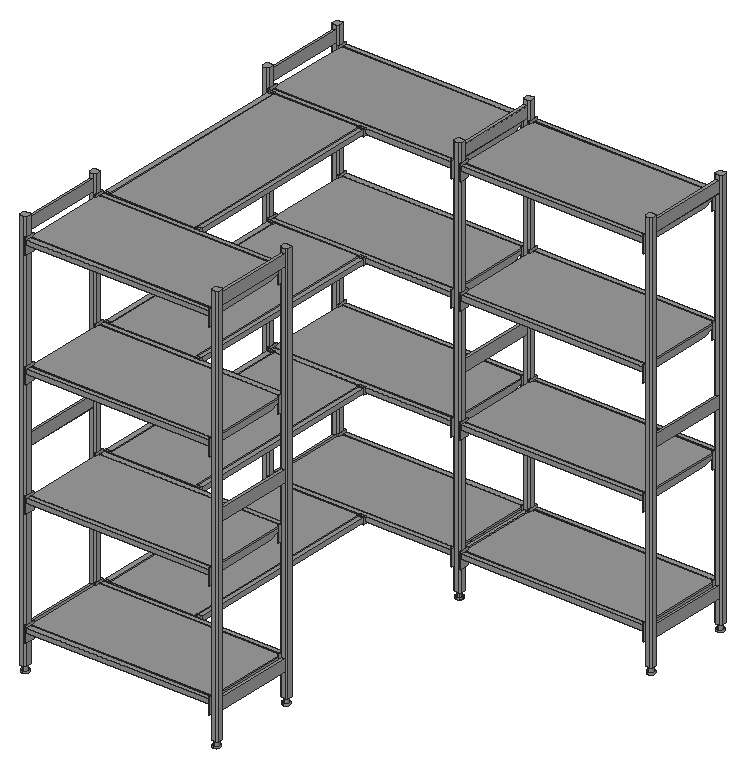
Revit family "QF_ELECTROLUXPROFESSIONAL_137091_CRS1616", category Attrezzature speciali, Revit 2020
Family settings
  Quota connettore circolare = Usa diametro
  Tipo di parte = Normale
  Basato su piano di lavoro = No
  Sempre verticale = Sì
  Taglio con vuoti quando caricato = No
  Condiviso = No
  Punto di calcolo locali = No
Parameters (values of type "Standard")
  Weight = 55.00 kg
  Watts = 0 W
  Volts = 0 V
  URL Manufacturer = "https://www.electroluxprofessional.com/"
  URL = "https://www.electroluxprofessional.com/"
  Steam Supply Size = 0 mm
  Steam Supply Minimum Pressure = 0.0 Pa
  Steam Supply Maximum Pressure = 0.0 Pa
  Steam Consumption per Hour = 0
  Refrigeration Suction Line Size = 0 mm
  Refrigeration Liquid Line Size = 0 mm
  Refrigerant Compressor Remote = yes
  Prospetto di default = 0 mm
  Produttore = "Electrolux Professional"
  Phase = 0
  Modello = "CRS1616"
  Length Actual = 708 mm  # constant formula
  Item Number = "137091"
  Hot Water Size = 0 mm
  Height Actual = 1550 mm  # constant formula
  HP = "0 HP"
  Gas Size = 0 mm
  Gas KW = 0
  Gas Input Pressure = 0 W
  Direct Waste Size = 0 mm
  Descrizione = "ALUM.SHELV.,POLY.TIERS-COLDROOM 163X163"
  Depth Actual = 373 mm  # constant formula
  Cycle = 0 Hz
  Condensate Return Size = 0 mm
  Compressed Air Volume = 0.0 L/s
  Compressed Air Size = 0 mm
  Compressed Air Pressure = 0.0 Pa
  Cold Water Size = 0 mm
  Accessory = yes
Reference planes
  plane 1 "Center (Front/Back)": y = 0
  plane 2: z = 0
  plane 3 "Center (Left/Right)": x = 0
  plane 4: x = -815
  plane 5: y = 815
  plane 6: y = -815
  plane 7: x = 815
  plane 8: x = -758
  plane 9: x = 758
  plane 10: y = 776
  plane 11: y = -776
Forms (mm)
  Extrusion 1, solid, material "QF_Clearances", detail levels coarse
    sketch origin (0, 0, 0) x (1, 0, 0) y (0, 1, 0)
      loop
        line (-815, -815) -> (815, -815) -> (815, 815) -> (-815, 815) -> (-815, -815)
      loop
        line (758, -776) -> (758, 776) -> (-758, 776) -> (-758, -776) -> (758, -776)
    from 0 to 1590
Lines and regions (mm)
  symbolic lines, style "QF_Clearances"
    curve 1: line (-815, 815, 0) -> (-815, -815, 0)
    curve 2: line (815, 815, 0) -> (-815, 815, 0)
    curve 3: line (815, -815, 0) -> (815, 815, 0)
Dimensions and locks
  equal spacing: plane 5, plane 1 "Center (Front/Back)", plane 6
  plane 5 to plane 6 = 1630 mm
  equal spacing: plane 4, plane 3 "Center (Left/Right)", plane 7
  plane 4 to plane 7 = 1630 mm
  plane 4 to plane 8 = 57 mm
  plane 8 to plane 9 = 1516 mm
  plane 11 to plane 6 = 39 mm
  plane 10 to plane 11 = 1552 mm
  aligned and locked: level to plane 2
  aligned and locked: plane 4 to Extrusion 1 sketch curve
  aligned and locked: Extrusion 1 sketch curve to plane 5
  aligned and locked: Extrusion 1 sketch curve to plane 7
  aligned and locked: Extrusion 1 sketch curve to plane 8
  aligned and locked: plane 10 to Extrusion 1 sketch curve
  aligned and locked: plane 9 to Extrusion 1 sketch curve
  aligned and locked: Extrusion 1 sketch curve to plane 11
  aligned and locked: Extrusion 1 sketch curve to plane 6
Automatic sketch dimensions
  curve 1 to plane 4 = 0 mm
  curve 2 to plane 5 = 0 mm
  curve 2 to plane 7 = 0 mm
  curve 1 to plane 6 = 0 mm
  curve 3 to plane 6 = 0 mm
Nested families
  nested 1: "QF_708" at (-341, -426, 0), type "QF_708"
  nested 2: "QF_708" at (403, 753, 0), type "QF_708"
  nested 3: "QF_798G2" at (-506.5, 118.5, 0), type "QF_798G2"
  nested 4: "QF_708" at (-341, 753, 0), type "QF_708"
Definition of nested family "QF_708"
  Parameters
    Default Elevation = 0 mm
    Model = "137010"
    Manufacturer = "Electrolux Professional"
    Description = ""
  Reference planes
    plane 1: z = 0
    plane 2 "Center (Left/Right)": x = -31
    plane 3 "LEFT": x = -417
    plane 4 "RIGHT": x = 355
    plane 5 "BACK": y = 23
    plane 6 "FRONT": y = -350
    plane 7 "TOP": z = 1700
    plane 8: x = 350
    plane 9: x = -385
    plane 10: x = 323
    plane 11 "Center (Front/Back)": y = -163.5
    plane 12: x = 318
    plane 13: y = -8.5
    plane 14: y = -318.5
    plane 15 "FEET": z = 25
    plane 16: z = 140
    plane 17: z = 590
    plane 18: z = 1040
    plane 19: z = 1490
    plane 20 "CXLeft": x = -403
    plane 21 "CXRight": x = 341
    plane 22: y = 5.5
    plane 23 "CYBack": y = 5.5
    plane 24 "CYFront": y = -332.5
  Forms (mm)
    Extrusion 1, solid
      sketch origin (-417, 0, 0) x (0, 1, 0) y (0, 0, 1)
        loop
          line (4, 1515.994) -> (4, 1497.998) -> (23, 1497.998) -> (23, 1515.994) -> (4, 1515.994)
        loop
          line (-331, 1515.994) -> (-350, 1515.994) -> (-350, 1497.998) -> (-331, 1497.998) -> (-331, 1515.994)
        loop
          line (4, 1065.994) -> (4, 1047.998) -> (23, 1047.998) -> (23, 1065.994) -> (4, 1065.994)
        loop
          line (-331, 1065.994) -> (-350, 1065.994) -> (-350, 1047.998) -> (-331, 1047.998) -> (-331, 1065.994)
        loop
          line (4, 615.994) -> (4, 597.998) -> (23, 597.998) -> (23, 615.994) -> (4, 615.994)
        loop
          line (-331, 615.994) -> (-350, 615.994) -> (-350, 597.998) -> (-331, 597.998) -> (-331, 615.994)
        loop
          line (4, 165.994) -> (4, 147.998) -> (23, 147.998) -> (23, 165.994) -> (4, 165.994)
        loop
          line (-331, 165.994) -> (-350, 165.994) -> (-350, 147.998) -> (-331, 147.998) -> (-331, 165.994)
      from 32 to 740
    Extrusion 2, solid
      sketch origin (-417, 0, 135) x (0, 1, 0) y (0, 0, 1)
        loop
          line (2.007, 1380.994) -> (-329, 1380.994) -> (-329, 1374.496) -> (2.007, 1374.496) -> (2.007, 1380.994)
        loop
          line (2.007, 930.994) -> (-329, 930.994) -> (-329, 924.496) -> (2.007, 924.496) -> (2.007, 930.994)
        loop
          line (2.007, 480.994) -> (-329, 480.994) -> (-329, 474.496) -> (2.007, 474.496) -> (2.007, 480.994)
        loop
          line (2.007, 30.994) -> (-329, 30.994) -> (-329, 24.496) -> (2.007, 24.496) -> (2.007, 30.994)
      from 32 to 740
    Extrusion 3, solid
      sketch origin (355, 0, 135) x (0, 1, 0) y (0, 0, 1)
        loop
          line (-12, 1362.998) -> (4, 1362.998) -> (4, 1380.994) -> (2.007, 1380.994) -> (2.007, 1374.496) -> (-329, 1374.496) -> (-329, 1380.994) -> (-331, 1380.994) -> (-331, 1362.998) -> (-315, 1362.998) -> (-281, 1350.994) -> (-46, 1350.994) -> (-12, 1362.998)
        loop
          line (-12, 912.998) -> (4, 912.998) -> (4, 930.994) -> (2.007, 930.994) -> (2.007, 924.496) -> (-329, 924.496) -> (-329, 930.994) -> (-331, 930.994) -> (-331, 912.998) -> (-315, 912.998) -> (-281, 900.994) -> (-46, 900.994) -> (-12, 912.998)
        loop
          line (-12, 462.998) -> (4, 462.998) -> (4, 480.994) -> (2.007, 480.994) -> (2.007, 474.496) -> (-329, 474.496) -> (-329, 480.994) -> (-331, 480.994) -> (-331, 462.998) -> (-315, 462.998) -> (-281, 450.994) -> (-46, 450.994) -> (-12, 462.998)
        loop
          line (-12, 12.998) -> (4, 12.998) -> (4, 30.994) -> (2.007, 30.994) -> (2.007, 24.496) -> (-329, 24.496) -> (-329, 30.994) -> (-331, 30.994) -> (-331, 12.998) -> (-315, 12.998) -> (-281, 0.994) -> (-46, 0.994) -> (-12, 12.998)
      from -32 to -37
  Lines and regions (mm)
    symbolic lines
      curve 1: line (323, 4, 1700) -> (-385, 4, 1700)
      curve 2: line (-389, 23, 1700) -> (327, 23, 1700)
      curve 3: line (327, 13.246, 1700) -> (333.254, 19.5, 1700)
      curve 4: line (333.254, -8.5, 1700) -> (327, -2.246, 1700)
      curve 5: line (333.254, -318.5, 1700) -> (327, -324.754, 1700)
      curve 6: line (-389, -350, 1700) -> (327, -350, 1700)
      curve 7: line (327, 23, 1700) -> (327, -12.993, 1700)
      curve 8: line (327, -12.993, 1700) -> (323, -12.993, 1700)
      curve 9: line (327, -350, 1700) -> (327, -314.007, 1700)
      curve 10: line (327, -314.007, 1700) -> (323, -314.007, 1700)
      curve 11: line (-385, -12.993, 1700) -> (-385, -314.007, 1700)
      curve 12: line (-385, -331, 1700) -> (323, -331, 1700)
      curve 13: line (323, -12.993, 1700) -> (323, -314.007, 1700)
  Dimensions and locks
    locked: plane 3 "LEFT" to plane 4 "RIGHT" at 772
    equal spacing: plane 3 "LEFT", plane 2 "Center (Left/Right)", plane 4 "RIGHT"
    locked: plane 7 "TOP" to level at 1700
    locked: plane 5 "BACK" to plane 6 "FRONT" at 373
    locked: plane 4 "RIGHT" to plane 8 at 5
    locked: plane 9 to plane 10 at 708
    locked: plane 3 "LEFT" to plane 9 at 32
    plane 12 to plane 10 = 5 mm
    locked: plane 13 to plane 14 at 310
    equal spacing: plane 13, plane 11 "Center (Front/Back)", plane 14
    equal spacing: plane 5 "BACK", plane 11 "Center (Front/Back)", plane 6 "FRONT"
    plane 15 "FEET" to level = 25 mm
    plane 7 "TOP" to plane 15 "FEET" = 1675 mm
    plane 17 to plane 16 = 450 mm
    plane 18 to plane 17 = 450 mm
    plane 19 to plane 18 = 450 mm
    locked: plane 3 "LEFT" to plane 20 "CXLeft" at 14
    locked: plane 21 "CXRight" to plane 4 "RIGHT" at 14
    locked: plane 5 "BACK" to plane 23 "CYBack" at 17.5
    locked: plane 24 "CYFront" to plane 6 "FRONT" at 17.5
    plane 16 to level = 140 mm
    plane 17 to level = 590 mm
    plane 18 to level = 1040 mm
    plane 19 to level = 1490 mm
    aligned and locked: level to plane 1
    aligned and locked: plane 9 to Extrusion 2
    aligned and locked: Extrusion 2 to plane 10
    aligned and locked: plane 9 to Extrusion 1
    aligned and locked: Extrusion 1 to plane 10
    aligned and locked: Extrusion 1 sketch curve to Extrusion 1 sketch curve  (x2)
    aligned and locked: Extrusion 3 sketch curve to Extrusion 3 sketch curve  (x3)
    aligned and locked: Extrusion 3 to plane 12
    aligned and locked: Extrusion 3 to plane 10
    aligned and locked: plane 20 "CXLeft" to nested 1
    aligned and locked: plane 21 "CXRight" to nested 2
  Automatic sketch dimensions
    Extrusion 1 sketch curve to plane 6 "FRONT" = 0 mm  (x4)
    Extrusion 1 sketch curve to plane 5 "BACK" = 0 mm  (x4)
    plane 24 "CYFront" to Extrusion 1 sketch curve = 1.5 mm  (x2)
    plane 22 to Extrusion 1 sketch curve = 1.5 mm  (x4)
    plane 16 to Extrusion 1 sketch curve = 7.998 mm  (x2)
    Extrusion 1 sketch curve to Extrusion 1 sketch curve = 17.997 mm  (x8)
    plane 17 to Extrusion 1 sketch curve = 7.998 mm  (x2)
    plane 18 to Extrusion 1 sketch curve = 7.998 mm  (x2)
    plane 19 to Extrusion 1 sketch curve = 7.998 mm  (x2)
    plane 24 "CYFront" to Extrusion 2 sketch curve = 3.5 mm  (x4)
    plane 22 to Extrusion 2 sketch curve = 3.493 mm  (x4)
    plane 16 to Extrusion 2 sketch curve = 19.496 mm
    Extrusion 2 sketch curve to Extrusion 2 sketch curve = 6.499 mm  (x4)
    plane 17 to Extrusion 2 sketch curve = 19.496 mm
    plane 18 to Extrusion 2 sketch curve = 19.496 mm
    plane 19 to Extrusion 2 sketch curve = 19.496 mm
    plane 24 "CYFront" to Extrusion 3 sketch curve = 1.5 mm  (x4)
    Extrusion 3 sketch curve to Extrusion 3 sketch curve = 2 mm
    plane 14 to Extrusion 3 sketch curve = 3.5 mm  (x4)
    Extrusion 3 sketch curve to plane 16 = 4.006 mm
    Extrusion 3 sketch curve to Extrusion 3 sketch curve = 34 mm  (x4)
    Extrusion 3 sketch curve to plane 17 = 4.006 mm
    Extrusion 3 sketch curve to plane 18 = 4.006 mm
    Extrusion 3 sketch curve to plane 19 = 4.006 mm
    Extrusion 3 sketch curve to plane 13 = 37.5 mm  (x4)
    Extrusion 3 sketch curve to plane 13 = 3.5 mm  (x4)
    plane 22 to Extrusion 3 sketch curve = 3.493 mm  (x4)
    plane 22 to Extrusion 3 sketch curve = 1.5 mm  (x4)
    plane 16 to Extrusion 3 sketch curve = 7.998 mm  (x2)
    Extrusion 3 sketch curve to Extrusion 3 sketch curve = 11.498 mm  (x4)
    Extrusion 3 sketch curve to Extrusion 3 sketch curve = 6.499 mm  (x8)
    plane 17 to Extrusion 3 sketch curve = 7.998 mm  (x2)
    plane 18 to Extrusion 3 sketch curve = 7.998 mm  (x2)
    plane 19 to Extrusion 3 sketch curve = 7.998 mm  (x2)
    curve 6 to plane 6 "FRONT" = 0 mm
    curve 12 to plane 9 = 0 mm
    curve 12 to plane 10 = 0 mm
    curve 5 to plane 14 = 0 mm
    curve 11 to plane 9 = 0 mm
    curve 8 to plane 10 = 0 mm
    curve 4 to plane 13 = 0 mm
    curve 1 to plane 9 = 0 mm
    curve 1 to plane 10 = 0 mm
    curve 2 to plane 5 "BACK" = 0 mm
    plane 14 to curve 10 = 4.493 mm
    curve 7 to plane 13 = 4.493 mm
    curve 10 to plane 10 = 4 mm
    curve 7 to plane 10 = 4 mm
    plane 24 "CYFront" to curve 12 = 1.5 mm
    curve 5 to plane 14 = 6.254 mm
    plane 14 to curve 11 = 4.493 mm
    curve 11 to plane 13 = 4.493 mm
    plane 13 to curve 4 = 6.254 mm
    plane 22 to curve 1 = 1.5 mm
    curve 3 to plane 22 = 7.746 mm
    curve 3 to plane 5 "BACK" = 3.5 mm
    curve 5 to curve 9 = 6.254 mm
    curve 3 to curve 2 = 6.254 mm
    curve 4 to curve 7 = 6.254 mm
    plane 9 to curve 2 = 4 mm
    plane 9 to curve 6 = 4 mm
  Nested families
    nested 1: "WT_Anta373B" at (0, 0, 0), type "WT_Anta373B"
    nested 2: "WT_Anta373B" at (-62, 0, 0) x (-1, 0, 0) z (0, 0, 1), type "WT_Anta373B"
  Definition of nested family "WT_Anta373B"
    Parameters
      WidthLeft = A + 64 mm  # 772 mm
      Width = 1606 mm
      Right = WidthLeft / 2  # 386 mm
      Default Elevation = 0 mm
      Left = -WidthLeft / 2  # -386 mm
      Height = 1590 mm
      FEET = 25 mm
      E = 0 mm
      Dint = Depth - 63 mm  # 310 mm
      Dext = Depth - 8 mm  # 365 mm
      Depth = 373 mm
      DX = (WidthLeft - A) / 2  # 32 mm
      B = 798 mm
      A = 708 mm
    Reference planes
      plane 1: z = 0
      plane 2 "LEFT": x = -417
      plane 3 "BACK": y = 23
      plane 4 "FRONT": y = -350
      plane 5 "TOP": z = 1590
      plane 6 "Center (Front/Back)": y = -163.5
      plane 7: y = -8.5
      plane 8: y = -318.5
      plane 9 "FEET": z = 25
      plane 10: z = 140
      plane 11: z = 590
      plane 12: z = 1040
      plane 13: z = 1490
      plane 14 "CXLeft": x = -403
      plane 15: y = 5.5
      plane 16 "CYBack": y = 5.5
      plane 17 "CYFront": y = -332.5
      plane 18: x = -385.031
      plane 19: x = -380.031
    Forms (mm)
      Extrusion 1, solid
        sketch origin (0, 0, 0) x (1, 0, 0) y (0, 1, 0)
          loop
            line (-417, 13.246) -> (-417, -2.246) -> (-410.746, -8.5) -> (-395.254, -8.5) -> (-389, -2.246) -> (-389, 13.246) -> (-395.254, 19.5) -> (-410.746, 19.5) -> (-417, 13.246)
        from 1590 to 25
      Extrusion 2, solid
        sketch origin (-417, 0, 0) x (0, 1, 0) y (0, 0, 1)
          loop
            line (23, 111.005) -> (23, 172.993) -> (-12.993, 172.993) -> (-12.993, 111.005) -> (23, 111.005)
          loop
            line (-350, 111.005) -> (-314.007, 111.005) -> (-314.007, 172.993) -> (-350, 172.993) -> (-350, 111.005)
          loop
            line (23, 561.005) -> (23, 622.993) -> (-12.993, 622.993) -> (-12.993, 561.005) -> (23, 561.005)
          loop
            line (-350, 561.005) -> (-314.007, 561.005) -> (-314.007, 622.993) -> (-350, 622.993) -> (-350, 561.005)
          loop
            line (23, 1011.005) -> (23, 1072.993) -> (-12.993, 1072.993) -> (-12.993, 1011.005) -> (23, 1011.005)
          loop
            line (-350, 1011.005) -> (-314.007, 1011.005) -> (-314.007, 1072.993) -> (-350, 1072.993) -> (-350, 1011.005)
          loop
            line (23, 1461.005) -> (23, 1522.993) -> (-12.993, 1522.993) -> (-12.993, 1461.005) -> (23, 1461.005)
          loop
            line (-350, 1461.005) -> (-314.007, 1461.005) -> (-314.007, 1522.993) -> (-350, 1522.993) -> (-350, 1461.005)
        from 28 to 32
      Revolve 3, solid
        sketch origin (-403, 0, 0) x (0, 1, 0) y (0, 0, 1)
          loop
            line (5.5, 25) -> (5.5, 0) -> (19, 0) -> (19, 5) -> (14, 5) -> (14, 25) -> (5.5, 25)
          axis (5.5, 25) -> (5.5, 0)
        angle from 0 to 360
      Extrusion 4, solid
        sketch origin (-403, 0, 0) x (0, 1, 0) y (0, 0, 1)
          loop
            line (-8.5, 777.382) -> (-8.5, 822.374) -> (-318.5, 822.374) -> (-318.5, 777.382) -> (-8.5, 777.382)
          loop
            line (-8.5, 1527.244) -> (-8.5, 1572.236) -> (-318.5, 1572.236) -> (-318.5, 1527.244) -> (-8.5, 1527.244)
        from -5 to 5
      Revolve 5, solid
        sketch origin (-403, -627, 0) x (0, -1, 0) y (0, 0, 1)
          loop
            line (-294.5, 25) -> (-294.5, 0) -> (-281, 0) -> (-281, 5) -> (-286, 5) -> (-286, 25) -> (-294.5, 25)
          axis (-294.5, 25) -> (-294.5, 0)
        angle from 0 to 360
      Extrusion 6, solid
        sketch origin (0, -627, 0) x (1, 0, 0) y (0, 1, 0)
          loop
            line (-417, 286.754) -> (-410.746, 280.5) -> (-395.254, 280.5) -> (-389, 286.754) -> (-389, 302.246) -> (-395.254, 308.5) -> (-410.746, 308.5) -> (-417, 302.246) -> (-417, 286.754)
        from 1590 to 25
      Extrusion 7, solid
        sketch origin (-417.031, -0.022, 0) x (0, 1, 0) y (0, 0, -1)
          loop
            line (-12, -1497.998) -> (-46, -1485.994) -> (-281, -1485.994) -> (-315, -1497.998) -> (-331, -1497.998) -> (-331, -1515.994) -> (-329, -1515.994) -> (-329, -1509.496) -> (2.007, -1509.496) -> (2.007, -1515.994) -> (4, -1515.994) -> (4, -1497.998) -> (-12, -1497.998)
          loop
            line (-12, -1047.998) -> (-46, -1035.994) -> (-281, -1035.994) -> (-315, -1047.998) -> (-331, -1047.998) -> (-331, -1065.994) -> (-329, -1065.994) -> (-329, -1059.496) -> (2.007, -1059.496) -> (2.007, -1065.994) -> (4, -1065.994) -> (4, -1047.998) -> (-12, -1047.998)
          loop
            line (-12, -597.998) -> (-46, -585.994) -> (-281, -585.994) -> (-315, -597.998) -> (-331, -597.998) -> (-331, -615.994) -> (-329, -615.994) -> (-329, -609.496) -> (2.007, -609.496) -> (2.007, -615.994) -> (4, -615.994) -> (4, -597.998) -> (-12, -597.998)
          loop
            line (-12, -147.998) -> (-46, -135.994) -> (-281, -135.994) -> (-315, -147.998) -> (-331, -147.998) -> (-331, -165.994) -> (-329, -165.994) -> (-329, -159.496) -> (2.007, -159.496) -> (2.007, -165.994) -> (4, -165.994) -> (4, -147.998) -> (-12, -147.998)
        from -32 to -37
      Extrusion 8, solid
        sketch origin (-403, 0, -659.878) x (0, 1, 0) y (0, 0, 1)
          loop
            line (-8.5, 777.382) -> (-8.5, 822.374) -> (-318.5, 822.374) -> (-318.5, 777.382) -> (-8.5, 777.382)
          loop
            line (-8.5, 1437.382) -> (-8.5, 1482.374) -> (-318.5, 1482.374) -> (-318.5, 1437.382) -> (-8.5, 1437.382)
          loop
            line (-8.5, 2187.382) -> (-8.5, 2232.374) -> (-318.5, 2232.374) -> (-318.5, 2187.382) -> (-8.5, 2187.382)
        from -5 to 5
    Lines and regions (mm)
      symbolic lines
        curve 1: line (-408, -8.5, 1590) -> (-408, -318.5, 1590)
        curve 2: line (-398, -318.5, 1590) -> (-398, -8.5, 1590)
        curve 3: line (-395.254, -8.5, 1590) -> (-410.746, -8.5, 1590)
        curve 4: line (-417, -2.246, 1590) -> (-410.746, -8.5, 1590)
        curve 5: line (-417, 13.246, 1590) -> (-417, -2.246, 1590)
        curve 6: line (-410.746, 19.5, 1590) -> (-417, 13.246, 1590)
        curve 7: line (-395.254, 19.5, 1590) -> (-410.746, 19.5, 1590)
        curve 8: line (-389, 13.246, 1590) -> (-395.254, 19.5, 1590)
        curve 9: line (-395.254, -8.5, 1590) -> (-389, -2.246, 1590)
        curve 10: line (-395.254, -318.5, 1590) -> (-410.746, -318.5, 1590)
        curve 11: line (-417, -324.754, 1590) -> (-410.746, -318.5, 1590)
        curve 12: line (-410.746, -346.5, 1590) -> (-417, -340.246, 1590)
        curve 13: line (-395.254, -346.5, 1590) -> (-410.746, -346.5, 1590)
        curve 14: line (-389, -340.246, 1590) -> (-395.254, -346.5, 1590)
        curve 15: line (-395.254, -318.5, 1590) -> (-389, -324.754, 1590)
        curve 16: line (-389, -350, 1590) -> (-389, -314.007, 1590)
        curve 17: line (-389, -314.007, 1590) -> (-385, -314.007, 1590)
        curve 18: line (-389, 23, 1590) -> (-389, -12.993, 1590)
        curve 19: line (-389, -12.993, 1590) -> (-385, -12.993, 1590)
        curve 20: line (-417, -324.754, 1590) -> (-417, -340.246, 1590)
        curve 21: line (-385, -350, 1590) -> (-385, -314.007, 1590)
        curve 22: line (-385, -350, 1590) -> (-389, -350, 1590)
        curve 23: line (-385, 23, 1590) -> (-389, 23, 1590)
        curve 24: line (-385, -12.993, 1590) -> (-385, 23, 1590)
        curve 25: line (-385.031, -13.016, 1725) -> (-385.031, -314.029, 1725)
    Dimensions and locks
      "Depth": plane 3 "BACK" to plane 4 "FRONT"
      "Dint": plane 7 to plane 8
      equal spacing: plane 7, plane 6 "Center (Front/Back)", plane 8
      equal spacing: plane 3 "BACK", plane 6 "Center (Front/Back)", plane 4 "FRONT"
      plane 9 "FEET" to level = 25 mm
      plane 10 to plane 9 "FEET" = 115 mm
      plane 11 to plane 10 = 450 mm
      plane 12 to plane 11 = 450 mm
      plane 13 to plane 12 = 450 mm
      locked: plane 2 "LEFT" to plane 14 "CXLeft" at 14
      locked: plane 3 "BACK" to plane 16 "CYBack" at 17.5
      locked: plane 17 "CYFront" to plane 4 "FRONT" at 17.5
      locked: Revolve 3 sketch curve to Revolve 3 sketch curve at 8.5
      locked: Revolve 3 sketch curve to plane 16 "CYBack" at 13.5
      locked: Revolve 5 sketch curve to Revolve 5 sketch curve at 8.5
      plane 10 to level = 140 mm
      plane 11 to level = 590 mm
      plane 12 to level = 1040 mm
      plane 13 to level = 1490 mm
      "Height": plane 5 "TOP" to level
      aligned and locked: level to plane 1
      aligned and locked: curve 20 to Extrusion 6
      aligned and locked: plane 5 "TOP" to Extrusion 1
      aligned and locked: plane 5 "TOP" to Extrusion 6
      aligned and locked: Extrusion 7 sketch curve to Extrusion 7 sketch curve  (x3)
    Automatic sketch dimensions
      curve 16 to plane 4 "FRONT" = 0 mm
      curve 11 to plane 8 = 0 mm
      curve 9 to plane 7 = 0 mm
      curve 5 to plane 2 "LEFT" = 0 mm
      curve 23 to plane 3 "BACK" = 0 mm
      plane 4 "FRONT" to curve 13 = 3.5 mm
      curve 20 to plane 17 "CYFront" = 7.746 mm
      curve 20 to plane 8 = 6.254 mm
      plane 8 to curve 16 = 4.493 mm
      curve 24 to plane 18 = 0.031 mm
      curve 24 to plane 7 = 4.493 mm
      plane 7 to curve 5 = 6.254 mm
      curve 5 to plane 15 = 7.746 mm
      curve 6 to plane 3 "BACK" = 3.5 mm
      curve 21 to plane 18 = 0.031 mm
      plane 18 to curve 23 = 3.969 mm
      plane 18 to curve 16 = 3.969 mm
      curve 18 to curve 8 = 6.254 mm
      curve 18 to curve 3 = 6.254 mm
      curve 16 to curve 13 = 6.254 mm
      curve 16 to curve 15 = 6.254 mm
      plane 2 "LEFT" to curve 10 = 6.254 mm
      plane 2 "LEFT" to curve 7 = 6.254 mm
      plane 2 "LEFT" to curve 12 = 6.254 mm
      plane 2 "LEFT" to curve 3 = 6.254 mm
      curve 14 to plane 17 "CYFront" = 7.746 mm
      curve 15 to plane 8 = 6.254 mm
      plane 7 to curve 9 = 6.254 mm
      curve 8 to plane 15 = 7.746 mm
      curve 3 to curve 2 = 2.746 mm
      curve 1 to curve 10 = 2.746 mm
      Extrusion 1 sketch curve to plane 2 "LEFT" = 0 mm
      Extrusion 1 sketch curve to plane 7 = 0 mm
      plane 2 "LEFT" to Extrusion 1 sketch curve = 6.254 mm  (x2)
      plane 14 "CXLeft" to Extrusion 1 sketch curve = 7.746 mm  (x2)
      Extrusion 1 sketch curve to plane 3 "BACK" = 3.5 mm
      plane 18 to Extrusion 1 sketch curve = 3.969 mm
      plane 7 to Extrusion 1 sketch curve = 6.254 mm  (x2)
      Extrusion 1 sketch curve to plane 15 = 7.746 mm  (x2)
      Extrusion 2 sketch curve to plane 4 "FRONT" = 0 mm  (x4)
      Extrusion 2 sketch curve to plane 3 "BACK" = 0 mm  (x4)
      plane 8 to Extrusion 2 sketch curve = 4.493 mm  (x4)
      Extrusion 2 sketch curve to plane 7 = 4.493 mm  (x4)
      Extrusion 2 sketch curve to plane 10 = 28.995 mm  (x2)
      plane 10 to Extrusion 2 sketch curve = 32.993 mm  (x2)
      Extrusion 2 sketch curve to plane 11 = 28.995 mm  (x2)
      plane 11 to Extrusion 2 sketch curve = 32.993 mm  (x2)
      Extrusion 2 sketch curve to plane 12 = 28.995 mm  (x2)
      plane 12 to Extrusion 2 sketch curve = 32.993 mm  (x2)
      Extrusion 2 sketch curve to plane 13 = 28.995 mm  (x2)
      plane 13 to Extrusion 2 sketch curve = 32.993 mm  (x2)
      Revolve 3 sketch curve to plane 9 "FEET" = 0 mm  (x2)
      Revolve 3 sketch curve to plane 15 = 0 mm  (x2)
      Revolve 3 sketch curve to level = 0 mm
      level to Revolve 3 sketch curve = 5 mm
      Revolve 3 sketch curve to Revolve 3 sketch curve = 11.655 mm
      Extrusion 4 sketch curve to plane 8 = 0 mm  (x2)
      Extrusion 4 sketch curve to plane 7 = 0 mm  (x2)
      plane 11 to Extrusion 4 sketch curve = 187.382 mm
      Extrusion 4 sketch curve to Extrusion 4 sketch curve = 44.992 mm
      plane 13 to Extrusion 4 sketch curve = 37.244 mm
      Extrusion 4 sketch curve to plane 5 "TOP" = 17.764 mm
      Revolve 5 sketch curve to plane 9 "FEET" = 0 mm  (x2)
      Revolve 5 sketch curve to plane 17 "CYFront" = 0 mm  (x2)
      Revolve 5 sketch curve to level = 0 mm
      Revolve 5 sketch curve to plane 4 "FRONT" = 4 mm
      Revolve 5 sketch curve to Revolve 5 sketch curve = 5 mm
      level to Revolve 5 sketch curve = 11.655 mm
      Extrusion 6 sketch curve to plane 2 "LEFT" = 0 mm
      Extrusion 6 sketch curve to plane 8 = 0 mm
      Extrusion 6 sketch curve to plane 2 "LEFT" = 6.254 mm  (x2)
      Extrusion 6 sketch curve to plane 14 "CXLeft" = 7.746 mm  (x2)
      Extrusion 6 sketch curve to plane 4 "FRONT" = 3.5 mm
      Extrusion 6 sketch curve to plane 18 = 3.969 mm
      plane 8 to Extrusion 6 sketch curve = 6.254 mm  (x2)
      plane 17 "CYFront" to Extrusion 6 sketch curve = 7.746 mm  (x2)
      plane 17 "CYFront" to Extrusion 7 sketch curve = 1.478 mm  (x4)
      Extrusion 7 sketch curve to Extrusion 7 sketch curve = 2 mm
      plane 8 to Extrusion 7 sketch curve = 3.478 mm  (x4)
      Extrusion 7 sketch curve to plane 10 = 4.006 mm
      Extrusion 7 sketch curve to Extrusion 7 sketch curve = 34 mm  (x4)
      Extrusion 7 sketch curve to plane 11 = 4.006 mm
      Extrusion 7 sketch curve to plane 12 = 4.006 mm
      Extrusion 7 sketch curve to plane 13 = 4.006 mm
      Extrusion 7 sketch curve to plane 7 = 37.522 mm  (x4)
      Extrusion 7 sketch curve to plane 7 = 3.522 mm  (x4)
      plane 15 to Extrusion 7 sketch curve = 3.516 mm  (x4)
      plane 15 to Extrusion 7 sketch curve = 1.522 mm  (x4)
      plane 13 to Extrusion 7 sketch curve = 7.998 mm  (x2)
      Extrusion 7 sketch curve to Extrusion 7 sketch curve = 11.498 mm
      Extrusion 7 sketch curve to Extrusion 7 sketch curve = 6.499 mm  (x5)
      plane 12 to Extrusion 7 sketch curve = 25.994 mm  (x2)
      plane 12 to Extrusion 7 sketch curve = 7.998 mm  (x2)
      plane 11 to Extrusion 7 sketch curve = 25.994 mm  (x2)
      plane 11 to Extrusion 7 sketch curve = 7.998 mm  (x2)
      plane 10 to Extrusion 7 sketch curve = 25.994 mm  (x2)
      plane 10 to Extrusion 7 sketch curve = 7.998 mm  (x2)
      curve 25 to plane 18 = 0 mm
      plane 8 to curve 25 = 4.471 mm
      curve 25 to plane 7 = 4.516 mm
      Extrusion 8 sketch curve to plane 8 = 0 mm  (x3)
      Extrusion 8 sketch curve to plane 7 = 0 mm  (x3)
      Extrusion 8 sketch curve to plane 10 = 22.496 mm
      plane 10 to Extrusion 8 sketch curve = 22.496 mm
      plane 11 to Extrusion 8 sketch curve = 187.504 mm
      Extrusion 8 sketch curve to Extrusion 8 sketch curve = 44.992 mm
      plane 13 to Extrusion 8 sketch curve = 37.504 mm
      Extrusion 8 sketch curve to plane 5 "TOP" = 17.504 mm
Definition of nested family "QF_798G2"
  Parameters
    Default Elevation = 0 mm
    Model = "137031"
    Manufacturer = "Electrolux Professional"
    Description = ""
  Reference planes
    plane 1: z = 0
    plane 2 "Center (F/B)": y = -163.5
    plane 3 "Front": y = -549.5
    plane 4 "Left": x = -217.5
    plane 5 "Right": x = 155.5
    plane 6 "TOP": z = 1700
    plane 7: y = -517.5
    plane 8: y = 280.5
    plane 9 "Center (Left/Right)": x = -31
    plane 10: y = 275.5
    plane 11: x = -186
    plane 12: x = 124
    plane 13 "FEET": z = 25
    plane 14: z = 140
    plane 15: z = 590
    plane 16: z = 1040
    plane 17: z = 1490
    plane 18 "CXLeft": y = -535.5
    plane 19: x = -200
    plane 20 "CYBack": x = -200
    plane 21 "CYFront": x = 138
    plane 22 "Back": y = 284.5
    plane 23 "LEFT_ORIGIN": x = -251.5
    plane 24 "BACK_Origin": y = 657.5
  Forms (mm)
    Extrusion 1, solid
      sketch origin (0, -549.5, 0) x (-1, 0, 0) y (0, 0, 1)
        loop
          line (198.5, 1515.994) -> (198.5, 1497.998) -> (217.5, 1497.998) -> (217.5, 1515.994) -> (198.5, 1515.994)
        loop
          line (-136.5, 1515.994) -> (-155.5, 1515.994) -> (-155.5, 1497.998) -> (-136.5, 1497.998) -> (-136.5, 1515.994)
        loop
          line (198.5, 1065.994) -> (198.5, 1047.998) -> (217.5, 1047.998) -> (217.5, 1065.994) -> (198.5, 1065.994)
        loop
          line (-136.5, 1065.994) -> (-155.5, 1065.994) -> (-155.5, 1047.998) -> (-136.5, 1047.998) -> (-136.5, 1065.994)
        loop
          line (198.5, 615.994) -> (198.5, 597.998) -> (217.5, 597.998) -> (217.5, 615.994) -> (198.5, 615.994)
        loop
          line (-136.5, 615.994) -> (-155.5, 615.994) -> (-155.5, 597.998) -> (-136.5, 597.998) -> (-136.5, 615.994)
        loop
          line (198.5, 165.994) -> (198.5, 147.998) -> (217.5, 147.998) -> (217.5, 165.994) -> (198.5, 165.994)
        loop
          line (-136.5, 165.994) -> (-155.5, 165.994) -> (-155.5, 147.998) -> (-136.5, 147.998) -> (-136.5, 165.994)
      from 32 to 830
    Extrusion 2, solid
      sketch origin (0, -549.5, 0) x (-1, 0, 0) y (0, 0, 1)
        loop
          line (196.507, 1515.994) -> (-134.5, 1515.994) -> (-134.5, 1509.496) -> (196.507, 1509.496) -> (196.507, 1515.994)
        loop
          line (196.507, 1065.994) -> (-134.5, 1065.994) -> (-134.5, 1059.496) -> (196.507, 1059.496) -> (196.507, 1065.994)
        loop
          line (196.507, 615.994) -> (-134.5, 615.994) -> (-134.5, 609.496) -> (196.507, 609.496) -> (196.507, 615.994)
        loop
          line (196.507, 165.994) -> (-134.5, 165.994) -> (-134.5, 159.496) -> (196.507, 159.496) -> (196.507, 165.994)
      from 32 to 830
  Lines and regions (mm)
    symbolic lines
      curve 1: line (-198.5, 280.5, 1700) -> (-198.5, -517.5, 1700)
      curve 2: line (-217.5, -521.5, 1700) -> (-217.5, 280.5, 1700)
      curve 3: line (155.5, -521.5, 1700) -> (155.5, 280.5, 1700)
      curve 4: line (-198.5, -517.5, 1700) -> (136.5, -517.5, 1700)
      curve 5: line (136.5, -517.5, 1700) -> (136.5, 280.5, 1700)
      curve 6: line (-198.5, 280.5, 1700) -> (136.5, 280.5, 1700)
  Dimensions and locks
    plane 3 "Front" to plane 2 "Center (F/B)" = 386 mm
    locked: plane 4 "Left" to plane 5 "Right" at 373
    locked: plane 7 to plane 8 at 798
    locked: plane 3 "Front" to plane 7 at 32
    plane 10 to plane 8 = 5 mm
    locked: plane 11 to plane 12 at 310
    equal spacing: plane 11, plane 9 "Center (Left/Right)", plane 12
    equal spacing: plane 4 "Left", plane 9 "Center (Left/Right)", plane 5 "Right"
    locked: plane 3 "Front" to plane 18 "CXLeft" at 14
    locked: plane 3 "Front" to plane 22 "Back" at 834
    plane 23 "LEFT_ORIGIN" to plane 5 "Right" = 407 mm
    locked: plane 22 "Back" to plane 24 "BACK_Origin" at 373
    plane 14 to level = 140 mm
    plane 15 to level = 590 mm
    plane 16 to level = 1040 mm
    locked: plane 6 "TOP" to level at 1700
    plane 17 to level = 1490 mm
    plane 13 "FEET" to level = 25 mm
    aligned and locked: level to plane 1
    aligned and locked: Extrusion 2 to plane 7
    aligned and locked: plane 8 to Extrusion 2
    aligned and locked: Extrusion 1 to plane 7
    aligned and locked: plane 8 to Extrusion 1
    aligned and locked: Extrusion 1 sketch curve to Extrusion 1 sketch curve  (x2)
    aligned and locked: nested 1 to plane 10
    aligned and locked: nested 2 to plane 7
  Automatic sketch dimensions
    plane 5 "Right" to Extrusion 1 sketch curve = 0 mm  (x4)
    plane 4 "Left" to Extrusion 1 sketch curve = 0 mm  (x4)
    plane 21 "CYFront" to Extrusion 1 sketch curve = 1.5 mm  (x2)
    plane 19 to Extrusion 1 sketch curve = 1.5 mm  (x4)
    plane 14 to Extrusion 1 sketch curve = 7.998 mm  (x2)
    Extrusion 1 sketch curve to Extrusion 1 sketch curve = 17.997 mm  (x8)
    plane 15 to Extrusion 1 sketch curve = 7.998 mm  (x2)
    plane 16 to Extrusion 1 sketch curve = 7.998 mm  (x2)
    plane 17 to Extrusion 1 sketch curve = 7.998 mm  (x2)
    plane 21 "CYFront" to Extrusion 2 sketch curve = 3.5 mm  (x4)
    plane 19 to Extrusion 2 sketch curve = 3.493 mm  (x4)
    plane 14 to Extrusion 2 sketch curve = 19.496 mm
    Extrusion 2 sketch curve to Extrusion 2 sketch curve = 6.499 mm  (x4)
    plane 15 to Extrusion 2 sketch curve = 19.496 mm
    plane 16 to Extrusion 2 sketch curve = 19.496 mm
    plane 17 to Extrusion 2 sketch curve = 19.496 mm
    curve 2 to plane 4 "Left" = 0 mm
    curve 3 to plane 5 "Right" = 0 mm
    plane 7 to curve 1 = 0 mm
    plane 8 to curve 2 = 0 mm
    plane 8 to curve 1 = 0 mm
    plane 8 to curve 3 = 0 mm
    plane 21 "CYFront" to curve 4 = 1.5 mm
    plane 19 to curve 6 = 1.5 mm
    plane 7 to curve 3 = 4 mm
    plane 7 to curve 2 = 4 mm
  Nested families
    nested 1: "WT_Aggancio373B" at (-194.5, 692.5, 0) x (0, 1, 0) z (0, 0, 1), type "WT_Aggancio373B"
    nested 2: "WT_Aggancio373B" at (-194.5, -929.5, 0) x (0, -1, 0) z (0, 0, 1), type "WT_Aggancio373B"
  Definition of nested family "WT_Aggancio373B"
    Parameters
      WidthLeft = A + 64 mm  # 772 mm
      Width = 1606 mm
      Right = WidthLeft / 2  # 386 mm
      Default Elevation = 0 mm
      Left = -WidthLeft / 2  # -386 mm
      Height = 1590 mm
      FEET = 25 mm
      E = 0 mm
      Dint = Depth - 63 mm  # 310 mm
      Dext = Depth - 8 mm  # 365 mm
      Depth = 373 mm
      DX = (WidthLeft - A) / 2  # 32 mm
      B = 798 mm
      A = 708 mm
    Reference planes
      plane 1: z = 0
      plane 2 "LEFT": x = -417
      plane 3 "BACK": y = 23
      plane 4 "FRONT": y = -350
      plane 5 "TOP": z = 1590
      plane 6 "Center (Front/Back)": y = -163.5
      plane 7: y = -8.5
      plane 8: y = -318.5
      plane 9 "FEET": z = 25
      plane 10: z = 140
      plane 11: z = 590
      plane 12: z = 1040
      plane 13: z = 1490
      plane 14: y = 5.5
      plane 15 "CYBack": y = 5.5
      plane 16 "CYFront": y = -332.5
    Forms (mm)
      Extrusion 1, solid
        sketch origin (-380, -0.022, 0) x (0, 1, 0) y (0, 0, 1)
          loop
            line (-12, 1497.998) -> (4, 1497.998) -> (4, 1515.994) -> (2.007, 1515.994) -> (2.007, 1509.496) -> (-329, 1509.496) -> (-329, 1515.994) -> (-331, 1515.994) -> (-331, 1497.998) -> (-315, 1497.998) -> (-281, 1485.994) -> (-46, 1485.994) -> (-12, 1497.998)
          loop
            line (-12, 1047.998) -> (4, 1047.998) -> (4, 1065.994) -> (2.007, 1065.994) -> (2.007, 1059.496) -> (-329, 1059.496) -> (-329, 1065.994) -> (-331, 1065.994) -> (-331, 1047.998) -> (-315, 1047.998) -> (-281, 1035.994) -> (-46, 1035.994) -> (-12, 1047.998)
          loop
            line (-12, 597.998) -> (4, 597.998) -> (4, 615.994) -> (2.007, 615.994) -> (2.007, 609.496) -> (-329, 609.496) -> (-329, 615.994) -> (-331, 615.994) -> (-331, 597.998) -> (-315, 597.998) -> (-281, 585.994) -> (-46, 585.994) -> (-12, 597.998)
          loop
            line (-12, 147.998) -> (4, 147.998) -> (4, 165.994) -> (2.007, 165.994) -> (2.007, 159.496) -> (-329, 159.496) -> (-329, 165.994) -> (-331, 165.994) -> (-331, 147.998) -> (-315, 147.998) -> (-281, 135.994) -> (-46, 135.994) -> (-12, 147.998)
        from -32 to -37
      Extrusion 2, solid
        sketch origin (-793.062, -324.754, 6.5) x (1, 0, 0) y (0, 0, 1)
          loop
            line (385.062, 1509.496) -> (385.062, 1512.496) -> (376.062, 1512.496) -> (376.062, 1485.994) -> (390.031, 1485.994) -> (390.031, 1491.496) -> (381.062, 1491.496) -> (381.062, 1509.496) -> (385.062, 1509.496)
          loop
            line (385.062, 1059.496) -> (385.062, 1062.496) -> (376.062, 1062.496) -> (376.062, 1035.994) -> (390.031, 1035.994) -> (390.031, 1041.496) -> (381.062, 1041.496) -> (381.062, 1059.496) -> (385.062, 1059.496)
          loop
            line (385.062, 609.496) -> (385.062, 612.496) -> (376.062, 612.496) -> (376.062, 585.994) -> (390.031, 585.994) -> (390.031, 591.496) -> (381.062, 591.496) -> (381.062, 609.496) -> (385.062, 609.496)
          loop
            line (385.062, 159.496) -> (385.062, 162.496) -> (376.062, 162.496) -> (376.062, 135.994) -> (390.031, 135.994) -> (390.031, 141.496) -> (381.062, 141.496) -> (381.062, 159.496) -> (385.062, 159.496)
        from 6.268 to 25.246
      Extrusion 3, solid
        sketch origin (-793.062, 32.754, 6.5) x (1, 0, 0) y (0, 0, 1)
          loop
            line (385.062, 1509.496) -> (385.062, 1512.496) -> (376.062, 1512.496) -> (376.062, 1485.994) -> (390.031, 1485.994) -> (390.031, 1491.496) -> (381.062, 1491.496) -> (381.062, 1509.496) -> (385.062, 1509.496)
          loop
            line (385.062, 1059.496) -> (385.062, 1062.496) -> (376.062, 1062.496) -> (376.062, 1035.994) -> (390.031, 1035.994) -> (390.031, 1041.496) -> (381.062, 1041.496) -> (381.062, 1059.496) -> (385.062, 1059.496)
          loop
            line (385.062, 609.496) -> (385.062, 612.496) -> (376.062, 612.496) -> (376.062, 585.994) -> (390.031, 585.994) -> (390.031, 591.496) -> (381.062, 591.496) -> (381.062, 609.496) -> (385.062, 609.496)
          loop
            line (385.062, 159.496) -> (385.062, 162.496) -> (376.062, 162.496) -> (376.062, 135.994) -> (390.031, 135.994) -> (390.031, 141.496) -> (381.062, 141.496) -> (381.062, 159.496) -> (385.062, 159.496)
        from 9.754 to 28.776
    Lines and regions (mm)
      symbolic lines
        curve 1: line (-412, -350, 0) -> (-408, -350, 0)
        curve 2: line (-412, -331.022, 0) -> (-412, -350, 0)
        curve 3: line (-408, -331.022, 0) -> (-412, -331.022, 0)
        curve 4: line (-408, -350, 0) -> (-408, -331.022, 0)
        curve 5: line (-412, 3.978, 0) -> (-408, 3.978, 0)
        curve 6: line (-412, 23, 0) -> (-412, 3.978, 0)
        curve 7: line (-408, 23, 0) -> (-412, 23, 0)
        curve 8: line (-408, 3.978, 0) -> (-408, 23, 0)
    Dimensions and locks
      "Height": plane 5 "TOP" to level
      "Depth": plane 3 "BACK" to plane 4 "FRONT"
      "Dint": plane 7 to plane 8
      equal spacing: plane 7, plane 6 "Center (Front/Back)", plane 8
      equal spacing: plane 3 "BACK", plane 6 "Center (Front/Back)", plane 4 "FRONT"
      plane 9 "FEET" to level = 25 mm
      plane 10 to plane 9 "FEET" = 115 mm
      locked: plane 11 to plane 10 at 450
      locked: plane 12 to plane 11 at 450
      locked: plane 13 to plane 12 at 450
      locked: plane 3 "BACK" to plane 15 "CYBack" at 17.5
      locked: plane 16 "CYFront" to plane 4 "FRONT" at 17.5
      aligned and locked: level to plane 1
      aligned and locked: Extrusion 1 sketch curve to Extrusion 1 sketch curve  (x3)
    Automatic sketch dimensions
      plane 16 "CYFront" to Extrusion 1 sketch curve = 1.478 mm  (x4)
      Extrusion 1 sketch curve to Extrusion 1 sketch curve = 2 mm
      plane 8 to Extrusion 1 sketch curve = 3.478 mm  (x4)
      Extrusion 1 sketch curve to plane 10 = 4.006 mm
      Extrusion 1 sketch curve to Extrusion 1 sketch curve = 34 mm  (x4)
      Extrusion 1 sketch curve to plane 11 = 4.006 mm
      Extrusion 1 sketch curve to plane 12 = 4.006 mm
      Extrusion 1 sketch curve to plane 13 = 4.006 mm
      Extrusion 1 sketch curve to plane 7 = 37.522 mm  (x4)
      Extrusion 1 sketch curve to plane 7 = 3.522 mm  (x4)
      plane 14 to Extrusion 1 sketch curve = 3.516 mm  (x4)
      plane 14 to Extrusion 1 sketch curve = 1.522 mm  (x4)
      plane 10 to Extrusion 1 sketch curve = 7.998 mm  (x2)
      Extrusion 1 sketch curve to Extrusion 1 sketch curve = 11.498 mm  (x4)
      Extrusion 1 sketch curve to Extrusion 1 sketch curve = 6.499 mm  (x8)
      plane 11 to Extrusion 1 sketch curve = 7.998 mm  (x2)
      plane 12 to Extrusion 1 sketch curve = 7.998 mm  (x2)
      plane 13 to Extrusion 1 sketch curve = 7.998 mm  (x2)
      plane 2 "LEFT" to Extrusion 2 sketch curve = 0 mm  (x4)
      plane 13 to Extrusion 2 sketch curve = 7.996 mm
      plane 11 to Extrusion 2 sketch curve = 7.996 mm
      Extrusion 2 sketch curve to Extrusion 2 sketch curve = 5 mm  (x4)
      plane 11 to Extrusion 2 sketch curve = 2.494 mm
      plane 10 to Extrusion 2 sketch curve = 28.996 mm
      Extrusion 2 sketch curve to Extrusion 2 sketch curve = 3 mm  (x4)
      plane 10 to Extrusion 2 sketch curve = 7.996 mm
      plane 10 to Extrusion 2 sketch curve = 2.494 mm
      Extrusion 2 sketch curve to Extrusion 2 sketch curve = 18 mm  (x3)
      plane 12 to Extrusion 2 sketch curve = 2.494 mm
      plane 12 to Extrusion 2 sketch curve = 7.996 mm
      plane 13 to Extrusion 2 sketch curve = 2.494 mm
      plane 2 "LEFT" to Extrusion 3 sketch curve = 0 mm  (x4)
      plane 13 to Extrusion 3 sketch curve = 7.996 mm
      plane 11 to Extrusion 3 sketch curve = 7.996 mm
      Extrusion 3 sketch curve to Extrusion 3 sketch curve = 5 mm  (x4)
      plane 11 to Extrusion 3 sketch curve = 2.494 mm
      plane 10 to Extrusion 3 sketch curve = 28.996 mm
      Extrusion 3 sketch curve to Extrusion 3 sketch curve = 3 mm  (x4)
      plane 10 to Extrusion 3 sketch curve = 7.996 mm
      plane 10 to Extrusion 3 sketch curve = 2.494 mm
      Extrusion 3 sketch curve to Extrusion 3 sketch curve = 18 mm  (x3)
      plane 12 to Extrusion 3 sketch curve = 2.494 mm
      plane 12 to Extrusion 3 sketch curve = 7.996 mm
      plane 13 to Extrusion 3 sketch curve = 2.494 mm
      plane 2 "LEFT" to curve 1 = 5 mm
      plane 2 "LEFT" to curve 7 = 5 mm
      curve 1 to plane 16 "CYFront" = 17.5 mm
      curve 3 to plane 8 = 12.522 mm
      plane 7 to curve 5 = 12.478 mm
      curve 7 to plane 14 = 17.5 mm
      curve 5 to curve 5 = 4 mm
      curve 1 to curve 4 = 4 mm
      Extrusion 2 sketch curve to Extrusion 2 sketch curve = 4 mm  (x4)
      Extrusion 2 sketch curve to Extrusion 2 sketch curve = 8.969 mm  (x4)
      Extrusion 3 sketch curve to Extrusion 3 sketch curve = 4 mm  (x4)
      Extrusion 3 sketch curve to Extrusion 3 sketch curve = 8.969 mm  (x4)
